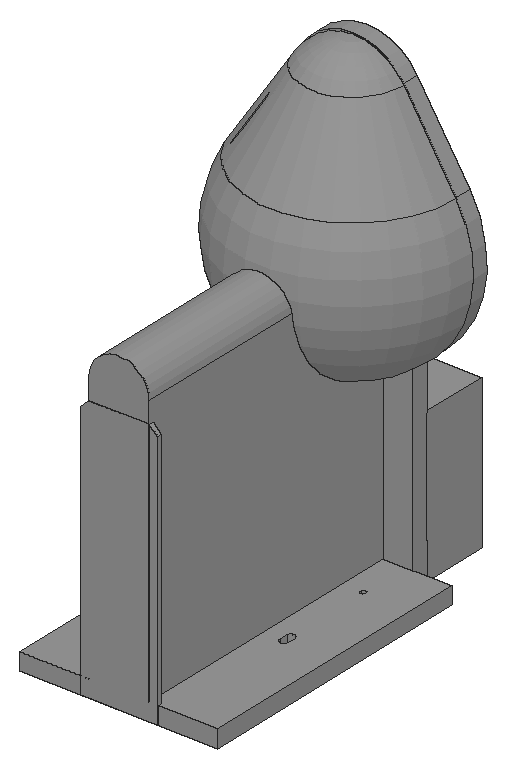
Revit family "Toilet-Willoughby-ETWS-1490-FM-FA-BS-HC", category Plumbing Fixtures, Revit 2015
Parameters (values of type "Standard")
  Waste DIA = 2 3/8"
  Waste Connection = yes
  W-RAD [instance] = Waste DIA / 2  # 0' - 1 3/16"
  Vent Connection = no
  URL = "https://www.willoughby-ind.com/wp-content/uploads/2017/12/ETWS-1490-FM-FA.pdf"
  Type Comments = ""
  Revision = "A"
  Model = "ETWS-1490-FM-FA-BS-HC"
  Manufacturer = "Willoughby Industries"
  HW Connection = no
  Flush inlet DIA = 1 1/2"
  Flush Inlet Connection = yes
  Fixture Body = Stainless Steel AISI 304-Willoughby
  F-RAD [instance] = Flush inlet DIA / 2  # 0' - 0 3/4"
  Description = "Floor Mounted Siphon Jet Flush Toilet, Front Access, Back Spud, Handicap Seat Height"
  Default Elevation = 0' - 0"
  Contact Number = "(800) 428-4065"
  CW Connection = no
Reference planes (in)
  plane 1 "Base": y = -16.25
  plane 2: z = 0
  plane 3 "Center": x = 18.31072
  plane 4 "Seat HGT": y = -1.25
  plane 5: z = -6.75
  plane 6: y = -2.125
  plane 7: y = -14.0625
  plane 8 "Flush HGT": y = 3.5
  plane 9: x = 16.56072
  plane 10: x = 20.06072
  plane 11: x = 12.56072
  plane 12: x = 24.06072
  plane 13 "Waste HGT": y = -7.75
  plane 14: z = 8.875
  plane 15: z = 27.75
  plane 16: y = 5.75
  plane 17: y = 1.75
  plane 18: y = 0.75
Forms (in)
  Extrusion 1, solid, material "Stainless Steel AISI 304-Willoughby" <- "Fixture Body"
    sketch origin (0, 1.75, -12) x (0, 0, -1) y (-1, 0, 0)
      loop
        arc (-23.65867, -14.78334) -> (-27.96091, -11.50819) -> (-33.31322, -12.27544) r 7
        line (-33.31322, -12.27544) -> (-38.16835, -15.31741)
        arc (-38.16835, -15.31741) -> (-39.81005, -18.28334) -> (-38.16835, -21.24927) r 3.5
        line (-38.16835, -21.24927) -> (-33.31322, -24.29124)
        arc (-33.31322, -24.29124) -> (-27.97624, -25.06245) -> (-23.67456, -21.81072) r 7
        line (-23.67456, -21.81072) -> (-12, -21.81072) -> (-12, -14.78334) -> (-23.65867, -14.78334)
      loop
        line (-31.56337, -14.0412) -> (-37.09622, -16.44433)
        arc (-37.09622, -16.44433) -> (-38.31005, -18.28334) -> (-37.09622, -20.12234) r 2
        line (-37.09622, -20.12234) -> (-31.56337, -22.52547)
        arc (-31.56337, -22.52547) -> (-25.09585, -18.28334) -> (-31.56337, -14.0412) r 4.625
    from 0 to -1
  Revolve 2, solid, material "Stainless Steel AISI 304-Willoughby" <- "Fixture Body"
    sketch origin (19.37246, 0.75, -1.93826) x (-1, 0, 0) y (0, 0, -1)
      loop
        line (1.06174, -12.59906) -> (1.06174, -12.84906)
        arc (1.06174, -12.84906) -> (6.96784, -16.33096) -> (6.78077, -23.18447) r 6.75
        line (6.78077, -23.18447) -> (3.81535, -27.91457)
        arc (3.81535, -27.91457) -> (2.63527, -29.03194) -> (1.06174, -29.43826) r 3.25
        line (1.06174, -29.43826) -> (1.06174, -29.68826)
        arc (1.06174, -29.68826) -> (2.75672, -29.25045) -> (4.02767, -28.04656) r 3.5
        line (4.02767, -28.04656) -> (7.06964, -23.19143)
        arc (7.06964, -23.19143) -> (7.15052, -16.14555) -> (1.06174, -12.59906) r 7
      axis (1.06174, -12.59906) -> (1.06174, -29.68826)
    angle from 0 to -180
  Extrusion 3, solid, material "Stainless Steel AISI 304-Willoughby" <- "Fixture Body"
    sketch origin (19.53334, -0.25, -2.9508) x (0, 1, 0) y (0, 0, 1)
      loop
        line (-5.27082, 2.9508) -> (1, 2.9508) -> (1, 13.76086)
        arc (1, 13.76086) -> (-2.93256, 15.26109) -> (-5.27082, 18.76086) r 6.92744
        line (-5.27082, 18.76086) -> (-5.27082, 2.9508)
    from 0.52738 to -2.97262
  Extrusion 4, solid, material "Stainless Steel AISI 304-Willoughby" <- "Fixture Body"
    sketch origin (0, 14.59309, -3) x (1, 0, 0) y (0, 1, 0)
      loop
        circle (18.31072, -22.34309) r 1.1875
    from 5.5 to 3
  Extrusion 5, solid, material "Stainless Steel AISI 304-Willoughby" <- "Fixture Body"
    sketch origin (18.31072, 0, -1) x (0, 1, 0) y (0, 0, 1)
      loop
        line (1.75, 1) -> (5.75, 1) -> (5.75, 9.875) -> (1.75, 9.875) -> (1.75, 1)
    from -3.52738 to 3.5
  Extrusion 6, solid, material "Stainless Steel AISI 304-Willoughby" <- "Fixture Body"
    sketch origin (0, 0, 0) x (1, 0, 0) y (0, 1, 0)
      loop
        circle (18.31072, 3.5) r 0.75
    from 0 to 1
  Extrusion 7, solid, material "Stainless Steel AISI 304-Willoughby" <- "Fixture Body"
    sketch origin (0, -16.25, 0) x (1, 0, 0) y (0, 0, 1)
      loop
        line (24.06072, 0) -> (24.06072, 1) -> (12.56072, 1) -> (12.56072, 0) -> (24.06072, 0)
    from -17 to 0
  Extrusion 8, solid, material "Stainless Steel AISI 304-Willoughby" <- "Fixture Body"
    sketch origin (0, -16.25, 2) x (1, 0, 0) y (0, 0, 1)
      loop
        line (20.06072, -2) -> (20.06072, 14.68252)
        arc (20.06072, 14.68252) -> (18.31072, 16.43252) -> (16.56072, 14.68252) r 1.75
        line (16.56072, 14.68252) -> (16.56072, -2) -> (20.06072, -2)
    from 0 to -10.72918
  Extrusion 9, solid, material "Stainless Steel AISI 304-Willoughby" <- "Fixture Body"
    sketch origin (0, -16.25, 0) x (1, 0, 0) y (0, 0, 1)
      loop
        line (20.06072, 0) -> (20.56072, 0) -> (20.56072, 15) -> (20.06072, 15.5) -> (16.56072, 15.5) -> (16.06072, 15) -> (16.06072, 0) -> (16.56072, 0) -> (20.06072, 0)
    from 0 to -0.25
  Extrusion 10, void
    sketch origin (0, 0, 0) x (1, 0, 0) y (0, 1, 0)
      loop
        line (21.56072, -8) -> (21.56072, -7.5)
        arc (21.56072, -7.5) -> (21.31072, -7.25) -> (21.06072, -7.5) r 0.25
        line (21.06072, -7.5) -> (21.06072, -8)
        arc (21.06072, -8) -> (21.31072, -8.25) -> (21.56072, -8) r 0.25
      loop
        line (15.56072, -8) -> (15.56072, -7.5)
        arc (15.56072, -7.5) -> (15.31072, -7.25) -> (15.06072, -7.5) r 0.25
        line (15.06072, -7.5) -> (15.06072, -8)
        arc (15.06072, -8) -> (15.31072, -8.25) -> (15.56072, -8) r 0.25
      loop
        circle (21.31072, -2.25) r 0.15625
      loop
        circle (15.31072, -2.25) r 0.15625
    from 0 to 2
Cuts and joins
  Extrusion 10 cuts Extrusion 3
  Extrusion 10 cuts Extrusion 5
  Extrusion 10 cuts Extrusion 7
  Extrusion 10 cuts Extrusion 8
  joined: Extrusion 3, Extrusion 5, Extrusion 7, Extrusion 8
Lines and regions (in)
  symbolic lines
    curve 1: line (11.28334, 0.75, 0) -> (11.28334, 1.75, 0)
    curve 2: line (11.28334, 1.75, 0) -> (25.28334, 1.75, 0)
    curve 3: line (25.28334, 1.75, 0) -> (25.28334, 0.75, 0)
    curve 4: line (24.06072, -3.20245, 0) -> (24.06072, -16.25, 0)
    curve 5: line (24.06072, -16.25, 0) -> (12.56072, -16.25, 0)
    curve 6: line (12.56072, -16.25, 0) -> (12.56072, -3.28133, 0)
    curve 7: line (20.06072, -6.02059, 0) -> (20.06072, -16.25, 0)
    curve 8: line (16.56072, -6.03473, 0) -> (16.56072, -16.25, 0)
    curve 9: line (16.56072, -16, 0) -> (16.06072, -16, 0)
    curve 10: line (16.06072, -16, 0) -> (16.06072, -16.25, 0)
    curve 11: line (20.06072, -16, 0) -> (20.56072, -16, 0)
    curve 12: line (20.56072, -16, 0) -> (20.56072, -16.25, 0)
    curve 13: line (14.78334, -16.25, 11.65867) -> (14.78334, -16.25, 0)
    curve 14: line (21.81072, -16.25, 11.67456) -> (21.81072, -16.25, 0)
    curve 15: line (21.81072, -16.25, 0) -> (14.78334, -16.25, 0)
    curve 16: line (14.78334, -16.25, 1) -> (12.56072, -16.25, 1)
    curve 17: line (12.56072, -16.25, 1) -> (12.56072, -16.25, 0)
    curve 18: line (21.81072, -16.25, 1) -> (24.06072, -16.25, 1)
    curve 19: line (24.06072, -16.25, 1) -> (24.06072, -16.25, 0)
    curve 21: arc (21.81072, -16.25, 11.67456) -> (25.08309, -16.25, 15.93539) -> (24.31862, -16.25, 21.25317) r 6.91677
    curve 22: line (24.31862, -16.25, 21.25317) -> (21.25205, -16.25, 26.1639)
    curve 23: arc (21.25205, -16.25, 26.1639) -> (19.99152, -16.25, 27.34663) -> (18.31072, -16.25, 27.75) r 3.3743
    curve 24: arc (18.31072, -16.25, 27.75) -> (16.6278, -16.25, 27.31167) -> (15.31741, -16.25, 26.16835) r 3.79289
    curve 25: line (15.31741, -16.25, 26.16835) -> (12.35249, -16.25, 21.43905)
    curve 26: arc (12.35249, -16.25, 21.43905) -> (11.49002, -16.25, 16.03241) -> (14.78334, -16.25, 11.65867) r 7
    curve 32: line (18.31072, -8.29114, 18.44021) -> (18.31072, -16.25, 18.44021)
    curve 33: line (18.31072, -16.25, 18.44021) -> (18.31072, -16.25, 0)
    curve 34: line (18.31072, -16.25, 0) -> (18.31072, 5.75, 0)
    curve 35: line (18.31072, 5.75, 0) -> (18.31072, 5.75, 8.875)
    curve 36: line (18.31072, 5.75, 8.875) -> (18.31072, 1.75, 8.875)
    curve 37: line (18.31072, 1.75, 8.875) -> (18.31072, 1.75, 27.81005)
    curve 38: line (18.31072, 0.75, 11.65867) -> (18.31072, 1.75, 11.65867)
    curve 39: line (18.31072, 0.75, 11.65867) -> (18.31072, 0.75, 1)
    curve 40: line (18.31072, 0.75, 0) -> (18.31072, 0.75, 1)
    curve 41: line (18.31072, 0.75, 1) -> (18.31072, -16.25, 1)
    curve 42: line (18.31072, 1.75, 27.81005) -> (18.31072, 0.75, 27.81005)
    curve 43: arc (18.31072, 0.75, 27.81005) -> (18.31072, -0.30762, 27.63307) -> (18.31072, -1.25, 27.1214) r 3.24854
    curve 44: arc (18.31072, -1.25, 27.1214) -> (18.31072, -1.65612, 26.77453) -> (18.31072, -2.03047, 26.3936) r 6.12214
    curve 45: line (18.31072, -2.03047, 26.3936) -> (18.31072, -5.2579, 21.25317)
    curve 46: arc (18.31072, -5.2579, 21.25317) -> (18.31072, -5.90086, 19.90889) -> (18.31072, -6.22182, 18.45373) r 6.52036
    curve 47: arc (18.31072, -6.22182, 18.45373) -> (18.31072, -4.28243, 13.22131) -> (18.31072, 0.75, 10.81005) r 7.43828
    curve 48: line (18.31072, -6.22182, 18.45373) -> (18.31072, -16.22182, 18.45373)
    curve 49: arc (11.28334, 0.75, 0) -> (18.28334, -6.25, 0) -> (25.28334, 0.75, 0) r 7
  symbolic lines, detail levels medium+fine
    curve 20: line (21.81072, -16.25, 8.875) -> (14.78334, -16.25, 8.875)
  symbolic lines, detail levels fine
    curve 27: arc (14.0412, -16.25, 19.56337) -> (18.28334, -16.25, 13.09585) -> (22.52547, -16.25, 19.56337) r 4.625
    curve 28: line (22.52547, -16.25, 19.56337) -> (20.12234, -16.25, 25.09622)
    curve 29: arc (20.12234, -16.25, 25.09622) -> (19.38317, -16.25, 25.97635) -> (18.28334, -16.25, 26.31005) r 2.01767
    curve 30: arc (18.28334, -16.25, 26.31005) -> (17.17969, -16.25, 25.98213) -> (16.44433, -16.25, 25.09622) r 1.9827
    curve 31: line (16.44433, -16.25, 25.09622) -> (14.0412, -16.25, 19.56337)
Dimensions and locks (in)
  locked: plane 1 "Base" to plane 17 at 18
  plane 13 "Waste HGT" to plane 1 "Base" = 0' - 8 1/2"
  plane 1 "Base" to plane 13 "Waste HGT" = 0' - 8 1/2"
  plane 1 "Base" to plane 8 "Flush HGT" = 1' - 7 3/4"
  plane 11 to plane 12 = 0' - 11 1/2"
  level to plane 15 = 2' - 3 3/4"
  plane 16 to plane 4 "Seat HGT" = 0' - 7"
  plane 16 to plane 17 = 0' - 4"
  plane 8 "Flush HGT" to plane 13 "Waste HGT" = 0' - 11 1/4"
  plane 17 to plane 18 = 0' - 1"
  locked: plane 17 to plane 1 "Base" at 18
  "W-RAD": radius of Extrusion 4 sketch curve
  "F-RAD": radius of Extrusion 6 sketch curve
  aligned and locked: plane 3 "Center" to Extrusion 4 sketch curve
  aligned and locked: plane 8 "Flush HGT" to Extrusion 6 sketch curve
  aligned and locked: plane 3 "Center" to Extrusion 6 sketch curve
  aligned and locked: plane 13 "Waste HGT" to Extrusion 4 sketch curve
  aligned and locked: level to cut or joined group of Extrusion 3, Extrusion 5, Extrusion 7, Extrusion 8, Extrusion 10
  aligned and locked: cut or joined group of Extrusion 3, Extrusion 5, Extrusion 7, Extrusion 8, Extrusion 10 to cut or joined group of Extrusion 3, Extrusion 5, Extrusion 7, Extrusion 8, Extrusion 10
  aligned and locked: plane 16 to Extrusion 5
  aligned and locked: Extrusion 1 to plane 18
  aligned and locked: Extrusion 8 to Extrusion 3
  aligned and locked: curve 2 to Extrusion 1
  aligned and locked: curve 1 to Extrusion 1
  aligned and locked: Extrusion 1 to Extrusion 4
Automatic sketch dimensions
  Revolve 2 sketch curve to Revolve 2 sketch curve = 0' - 0"  (x2)
  Revolve 2 sketch curve to plane 3 "Center" = 0' - 0"  (x3)
  plane 3 "Center" to Revolve 2 sketch curve = 0' - 0"
  Revolve 2 sketch curve to plane 3 "Center" = 0' - 2.75361"
  Revolve 2 sketch curve to Revolve 2 sketch curve = 0' - 0.21232"
  Revolve 2 sketch curve to Revolve 2 sketch curve = 0' - 2.96542"
  Revolve 2 sketch curve to Revolve 2 sketch curve = 0' - 0.28887"
  level to Revolve 2 sketch curve = 2' - 3 3/4"
  Revolve 2 sketch curve to Revolve 2 sketch curve = 0' - 0 1/4"
  Revolve 2 sketch curve to Revolve 2 sketch curve = 0' - 1.3917"
  Revolve 2 sketch curve to Revolve 2 sketch curve = 0' - 0.13199"
  Revolve 2 sketch curve to Revolve 2 sketch curve = 0' - 4.85513"
  Revolve 2 sketch curve to Revolve 2 sketch curve = 0' - 0.00696"
  Revolve 2 sketch curve to Revolve 2 sketch curve = 0' - 3 1/4"
  Revolve 2 sketch curve to Revolve 2 sketch curve = 0' - 3.3392"
  Revolve 2 sketch curve to Revolve 2 sketch curve = 0' - 2.4108"
  level to Extrusion 3 sketch curve = 0' - 0"
  plane 6 to Extrusion 3 sketch curve = 0' - 2 7/8"
  Extrusion 3 sketch curve to plane 4 "Seat HGT" = 0' - 2.3862"
  Extrusion 3 sketch curve to Extrusion 3 sketch curve = 0' - 10.81005"
  Extrusion 3 sketch curve to Extrusion 3 sketch curve = 0' - 5"
  Extrusion 5 sketch curve to level = 0' - 0"
  Extrusion 5 sketch curve to plane 4 "Seat HGT" = 0' - 3"
  Extrusion 5 sketch curve to plane 8 "Flush HGT" = 0' - 2 1/4"
  level to Extrusion 5 sketch curve = 0' - 8 7/8"
  Extrusion 7 sketch curve to level = 0' - 0"
  level to Extrusion 7 sketch curve = 0' - 1"
  plane 11 to Extrusion 7 sketch curve = 0' - 0"
  Extrusion 7 sketch curve to plane 12 = 0' - 0"
  level to Extrusion 8 sketch curve = 0' - 0"
  Extrusion 8 sketch curve to plane 10 = 0' - 0"
  level to Extrusion 8 sketch curve = 1' - 4.68252"
  plane 9 to Extrusion 8 sketch curve = 0' - 0"
  Extrusion 3 sketch curve to Extrusion 3 sketch curve = 0' - 6.27082"
  Extrusion 9 sketch curve to level = 0' - 0"
  Extrusion 9 sketch curve to plane 9 = 0' - 0"  (x2)
  Extrusion 9 sketch curve to plane 10 = 0' - 0"  (x2)
  Extrusion 9 sketch curve to Extrusion 9 sketch curve = 0' - 0 1/2"  (x3)
  plane 10 to Extrusion 9 sketch curve = 0' - 0 1/2"
  plane 14 to Extrusion 9 sketch curve = 0' - 6 1/8"
  curve 26 to curve 27 = 0' - 0"  (x2)
  curve 17 to plane 11 = 0' - 0"
  curve 13 to level = 0' - 0"
  curve 20 to plane 14 = 0' - 0"
  curve 24 to plane 3 "Center" = 0' - 0"
  curve 23 to plane 3 "Center" = 0' - 0"
  curve 19 to plane 12 = 0' - 0"
  curve 19 to level = 0' - 0"
  curve 17 to level = 0' - 0"
  curve 25 to plane 11 = 0' - 0.20823"
  curve 13 to plane 9 = 0' - 1.77738"
  curve 25 to plane 9 = 0' - 1.24331"
  curve 29 to plane 3 "Center" = 0' - 0.03902"
  curve 29 to curve 30 = 0' - 0.0002"
  curve 26 to plane 3 "Center" = 0' - 0.02738"
  plane 3 "Center" to curve 23 = 0' - 0.07924"
  plane 3 "Center" to curve 21 = 0' - 0.08114"
  plane 3 "Center" to curve 24 = 0' - 0.08907"
  plane 10 to curve 28 = 0' - 0.06162"
  plane 10 to curve 22 = 0' - 1.19133"
  plane 10 to curve 14 = 0' - 1 3/4"
  curve 28 to plane 12 = 0' - 1.53525"
  plane 12 to curve 22 = 0' - 0.2579"
  level to curve 16 = 0' - 1"
  curve 19 to curve 19 = 0' - 1"
  plane 14 to curve 13 = 0' - 2.78367"
  plane 14 to curve 14 = 0' - 2.79956"
  curve 14 to curve 21 = 0' - 6.01275"
  curve 21 to curve 27 = 0' - 0.03353"
  curve 28 to curve 21 = 0' - 1.6898"
  curve 28 to curve 24 = 0' - 4.39478"
  curve 24 to curve 29 = 0' - 0.33426"
  curve 29 to curve 30 = 0' - 0.03496"
  curve 30 to curve 23 = 0' - 0.04925"
  curve 28 to curve 23 = 0' - 1.06768"
  plane 11 to curve 31 = 0' - 1 123/256"
  curve 30 to plane 9 = 0' - 0.11639"
  curve 30 to curve 29 = 0' - 0"
  Extrusion 1 sketch curve to Extrusion 1 sketch curve = 0' - 0"  (x8)
  Extrusion 1 sketch curve to level = 0' - 0"
  plane 14 to Extrusion 1 sketch curve = 0' - 2.78367"
  plane 14 to Extrusion 1 sketch curve = 0' - 2.79956"
  Extrusion 1 sketch curve to plane 3 "Center" = 0' - 0.02738"  (x2)
  Extrusion 1 sketch curve to Extrusion 1 sketch curve = 0' - 6.06218"
  plane 11 to Extrusion 1 sketch curve = 0' - 1 123/256"
  Extrusion 1 sketch curve to Extrusion 1 sketch curve = 0' - 1.84253"
  Extrusion 1 sketch curve to plane 12 = 0' - 1.53525"
  plane 12 to Extrusion 1 sketch curve = 0' - 0.23052"
  Extrusion 1 sketch curve to Extrusion 1 sketch curve = 0' - 1.74985"  (x2)
  Extrusion 1 sketch curve to plane 11 = 0' - 0.28528"
  Extrusion 1 sketch curve to plane 15 = 0' - 3.43995"
  Extrusion 1 sketch curve to plane 9 = 0' - 0.11639"
  Extrusion 1 sketch curve to Extrusion 1 sketch curve = 0' - 0.78617"
  plane 10 to Extrusion 1 sketch curve = 0' - 0.06162"
  Extrusion 1 sketch curve to Extrusion 1 sketch curve = 0' - 1.07212"  (x2)
  plane 10 to Extrusion 1 sketch curve = 0' - 1.18855"
  curve 32 to plane 1 "Base" = 0' - 0"
  curve 43 to plane 4 "Seat HGT" = 0' - 0"
  curve 44 to plane 4 "Seat HGT" = 0' - 0"
  curve 41 to plane 18 = 0' - 0"
  curve 42 to plane 18 = 0' - 0"
  curve 36 to plane 14 = 0' - 0"
  curve 36 to plane 17 = 0' - 0"
  curve 36 to plane 16 = 0' - 0"
  curve 34 to level = 0' - 0"
  plane 13 "Waste HGT" to curve 45 = 0' - 2.4921"
  plane 6 to curve 45 = 0' - 0.09453"
  curve 46 to plane 18 = 0' - 0.48574"
  plane 18 to curve 47 = 0' - 0.46321"
  plane 17 to curve 44 = 0' - 0.76917"
  level to curve 41 = 0' - 1"
  plane 14 to curve 38 = 0' - 2.78367"
  curve 38 to curve 46 = 0' - 6.1274"
  curve 46 to curve 47 = 0' - 0.44783"
  curve 32 to plane 15 = 0' - 9.30979"
  curve 32 to curve 45 = 0' - 2.81296"
  curve 47 to curve 44 = 0' - 4.06319"
  curve 44 to curve 43 = 0' - 2.26443"
  curve 48 to plane 1 "Base" = 0' - 0.02818"
  curve 32 to plane 13 "Waste HGT" = 0' - 0.54114"
  plane 13 "Waste HGT" to curve 48 = 0' - 1.52818"
  curve 6 to plane 11 = 0' - 0"
  plane 1 "Base" to curve 10 = 0' - 0"
  curve 8 to plane 9 = 0' - 0"
  curve 7 to plane 10 = 0' - 0"
  curve 4 to plane 12 = 0' - 0"
  curve 1 to plane 11 = 0' - 1.27738"
  curve 9 to plane 1 "Base" = 0' - 0 1/4"
  curve 9 to plane 9 = 0' - 0 1/2"
  curve 49 to plane 3 "Center" = 0' - 0.02738"
  curve 11 to plane 1 "Base" = 0' - 0 1/4"
  plane 10 to curve 11 = 0' - 0 1/2"
  plane 13 "Waste HGT" to Extrusion 10 sketch curve = 0' - 0 1/4"  (x2)
  Extrusion 10 sketch curve to plane 9 = 0' - 1 1/2"
  Extrusion 10 sketch curve to Extrusion 10 sketch curve = 0' - 0 1/4"  (x2)
  Extrusion 10 sketch curve to plane 6 = 0' - 0 1/8"  (x2)
  Extrusion 10 sketch curve to plane 9 = 0' - 1 1/4"
  Extrusion 10 sketch curve to plane 13 "Waste HGT" = 0' - 0 1/4"  (x2)
  plane 10 to Extrusion 10 sketch curve = 0' - 1"
  plane 10 to Extrusion 10 sketch curve = 0' - 1 1/4"
  radius of Extrusion 10 sketch curve = 0' - 0 5/32"  (x2)
Connectors (in)
  piping at (18.31072, -7.75, 0), diameter 2.375, driven by "W-RAD", driven by "Waste Connection"
    settings: on Extrusion 4, index 1, connector inside diameter 2 1/2", connector length 0' - 0", flow factor 0, pipe flow 0 GPM, pressure drop 0.00 psi, fitting loss kfactor 0, connector angle 0.00°, fixture units 0, engagement length 0' - 0", angle of deflection 0.00°, flow configuration 0, flow direction 2, fitting loss method 0, system type 16, joint type 0, gender type 0, connector reference index -1, connector utility 1, adjustable connector yes, is connector primary yes, connector description "Toilet Waste"
  piping at (18.31072, 3.5, 1), diameter 1.5, driven by "F-RAD", driven by "Flush Inlet Connection"
    settings: on Extrusion 6, index 2, connector inside diameter 1 1/2", connector length 0' - 0", flow factor 0, pipe flow 0 GPM, pressure drop 0.00 psi, fitting loss kfactor 0, connector angle 0.00°, fixture units 0, engagement length 0' - 0", angle of deflection 0.00°, flow configuration 0, flow direction 1, fitting loss method 0, system type 20, joint type 0, gender type 0, connector reference index -1, connector utility 1, adjustable connector no, is connector primary no, connector description "Flush Inlet"
